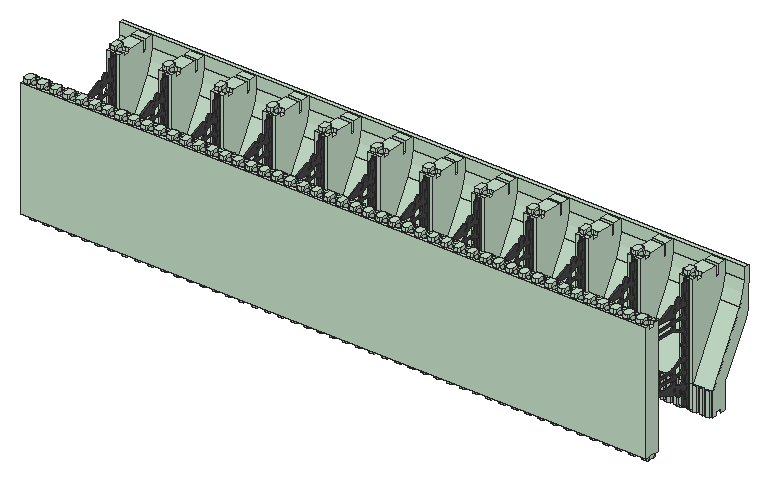
Revit family (continued)
Forms (mm)
  Extrusion 54, void
    sketch origin (1574.8, 0.011, 0) x (-1, 0, 0) y (0, -1, 0)
      loop
        arc (50.8, -101.014) -> (50.362, -98.696) -> (49.108, -96.698) r 6.35
        arc (49.108, -96.698) -> (48.795, -96.199) -> (48.685, -95.62) r 1.588
        line (48.685, -95.62) -> (48.685, -86.829) -> (44.346, -86.829) -> (44.346, -92.457)
        arc (44.346, -92.457) -> (43.786, -93.668) -> (42.5, -94.024) r 1.587
        arc (42.5, -94.024) -> (36.091, -93.737) -> (29.796, -94.972) r 26.988
        arc (29.796, -94.972) -> (26.615, -97.278) -> (25.4, -101.014) r 6.35
        line (25.4, -101.014) -> (25.4, -124.411)
    from 457.2 to 444.5
  Extrusion 55, void
    sketch origin (1371.6, 0.011, 0) x (-1, 0, 0) y (0, -1, 0)
      loop
        arc (25.4, -124.411) -> (26.615, -128.147) -> (29.796, -130.453) r 6.35
        arc (29.796, -130.453) -> (38.1, -131.763) -> (46.404, -130.453) r 26.987
        arc (46.404, -130.453) -> (49.585, -128.147) -> (50.8, -124.411) r 6.35
        line (50.8, -124.411) -> (50.8, -101.014)
        arc (50.8, -101.014) -> (50.362, -98.696) -> (49.108, -96.698) r 6.35
        arc (49.108, -96.698) -> (48.795, -96.199) -> (48.685, -95.62) r 1.588
        line (48.685, -95.62) -> (48.685, -86.829) -> (44.346, -86.829) -> (44.346, -92.457)
        arc (44.346, -92.457) -> (43.786, -93.668) -> (42.5, -94.024) r 1.587
        arc (42.5, -94.024) -> (36.091, -93.737) -> (29.796, -94.972) r 26.988
        arc (29.796, -94.972) -> (26.615, -97.278) -> (25.4, -101.014) r 6.35
        line (25.4, -101.014) -> (25.4, -124.411)
    from 457.2 to 444.5
  Extrusion 56, void
    sketch origin (1168.4, 0.011, 0) x (-1, 0, 0) y (0, -1, 0)
      loop
        arc (25.4, -124.411) -> (26.615, -128.147) -> (29.796, -130.453) r 6.35
        arc (29.796, -130.453) -> (38.1, -131.763) -> (46.404, -130.453) r 26.987
        arc (46.404, -130.453) -> (49.585, -128.147) -> (50.8, -124.411) r 6.35
        line (50.8, -124.411) -> (50.8, -101.014)
        arc (50.8, -101.014) -> (50.362, -98.696) -> (49.108, -96.698) r 6.35
        arc (49.108, -96.698) -> (48.795, -96.199) -> (48.685, -95.62) r 1.588
        line (48.685, -95.62) -> (48.685, -86.829) -> (44.346, -86.829) -> (44.346, -92.457)
        arc (44.346, -92.457) -> (43.786, -93.668) -> (42.5, -94.024) r 1.587
        arc (42.5, -94.024) -> (36.091, -93.737) -> (29.796, -94.972) r 26.988
        arc (29.796, -94.972) -> (26.615, -97.278) -> (25.4, -101.014) r 6.35
        line (25.4, -101.014) -> (25.4, -124.411)
    from 457.2 to 444.5
  Extrusion 57, void
    sketch origin (965.2, 0.011, 0) x (-1, 0, 0) y (0, -1, 0)
      loop
        arc (25.4, -124.411) -> (26.615, -128.147) -> (29.796, -130.453) r 6.35
        arc (29.796, -130.453) -> (38.1, -131.763) -> (46.404, -130.453) r 26.987
        arc (46.404, -130.453) -> (49.585, -128.147) -> (50.8, -124.411) r 6.35
        line (50.8, -124.411) -> (50.8, -101.014)
        arc (50.8, -101.014) -> (50.362, -98.696) -> (49.108, -96.698) r 6.35
        arc (49.108, -96.698) -> (48.795, -96.199) -> (48.685, -95.62) r 1.588
        line (48.685, -95.62) -> (48.685, -86.829) -> (44.346, -86.829) -> (44.346, -92.457)
        arc (44.346, -92.457) -> (43.786, -93.668) -> (42.5, -94.024) r 1.587
        arc (42.5, -94.024) -> (36.091, -93.737) -> (29.796, -94.972) r 26.988
        arc (29.796, -94.972) -> (26.615, -97.278) -> (25.4, -101.014) r 6.35
        line (25.4, -101.014) -> (25.4, -124.411)
    from 457.2 to 444.5
  Extrusion 58, void
    sketch origin (762, 0.011, 0) x (-1, 0, 0) y (0, -1, 0)
      loop
        arc (25.4, -124.411) -> (26.615, -128.147) -> (29.796, -130.453) r 6.35
        arc (29.796, -130.453) -> (38.1, -131.763) -> (46.404, -130.453) r 26.987
        arc (46.404, -130.453) -> (49.585, -128.147) -> (50.8, -124.411) r 6.35
        line (50.8, -124.411) -> (50.8, -101.014)
        arc (50.8, -101.014) -> (50.362, -98.696) -> (49.108, -96.698) r 6.35
        arc (49.108, -96.698) -> (48.795, -96.199) -> (48.685, -95.62) r 1.588
        line (48.685, -95.62) -> (48.685, -86.829) -> (44.346, -86.829) -> (44.346, -92.457)
        arc (44.346, -92.457) -> (43.786, -93.668) -> (42.5, -94.024) r 1.587
        arc (42.5, -94.024) -> (36.091, -93.737) -> (29.796, -94.972) r 26.988
        arc (29.796, -94.972) -> (26.615, -97.278) -> (25.4, -101.014) r 6.35
        line (25.4, -101.014) -> (25.4, -124.411)
    from 457.2 to 444.5
  Extrusion 59, void
    sketch origin (558.8, 0.011, 0) x (-1, 0, 0) y (0, -1, 0)
      loop
        arc (25.4, -124.411) -> (26.615, -128.147) -> (29.796, -130.453) r 6.35
        arc (29.796, -130.453) -> (38.1, -131.763) -> (46.404, -130.453) r 26.987
        arc (46.404, -130.453) -> (49.585, -128.147) -> (50.8, -124.411) r 6.35
        line (50.8, -124.411) -> (50.8, -101.014)
        arc (50.8, -101.014) -> (50.362, -98.696) -> (49.108, -96.698) r 6.35
        arc (49.108, -96.698) -> (48.795, -96.199) -> (48.685, -95.62) r 1.588
        line (48.685, -95.62) -> (48.685, -86.829) -> (44.346, -86.829) -> (44.346, -92.457)
        arc (44.346, -92.457) -> (43.786, -93.668) -> (42.5, -94.024) r 1.587
        arc (42.5, -94.024) -> (36.091, -93.737) -> (29.796, -94.972) r 26.988
        arc (29.796, -94.972) -> (26.615, -97.278) -> (25.4, -101.014) r 6.35
        line (25.4, -101.014) -> (25.4, -124.411)
    from 457.2 to 444.5
  Extrusion 60, void
    sketch origin (355.6, 0.011, 0) x (-1, 0, 0) y (0, -1, 0)
      loop
        arc (25.4, -124.411) -> (26.615, -128.147) -> (29.796, -130.453) r 6.35
        arc (29.796, -130.453) -> (38.1, -131.763) -> (46.404, -130.453) r 26.987
        arc (46.404, -130.453) -> (49.585, -128.147) -> (50.8, -124.411) r 6.35
        line (50.8, -124.411) -> (50.8, -101.014)
        arc (50.8, -101.014) -> (50.362, -98.696) -> (49.108, -96.698) r 6.35
        arc (49.108, -96.698) -> (48.795, -96.199) -> (48.685, -95.62) r 1.588
        line (48.685, -95.62) -> (48.685, -86.829) -> (44.346, -86.829) -> (44.346, -92.457)
        arc (44.346, -92.457) -> (43.786, -93.668) -> (42.5, -94.024) r 1.587
        arc (42.5, -94.024) -> (36.091, -93.737) -> (29.796, -94.972) r 26.988
        arc (29.796, -94.972) -> (26.615, -97.278) -> (25.4, -101.014) r 6.35
        line (25.4, -101.014) -> (25.4, -124.411)
    from 457.2 to 444.5
  Extrusion 61, void
    sketch origin (152.4, 0.011, 0) x (-1, 0, 0) y (0, -1, 0)
      loop
        arc (25.4, -124.411) -> (26.615, -128.147) -> (29.796, -130.453) r 6.35
        arc (29.796, -130.453) -> (38.1, -131.763) -> (46.404, -130.453) r 26.987
        arc (46.404, -130.453) -> (49.585, -128.147) -> (50.8, -124.411) r 6.35
        line (50.8, -124.411) -> (50.8, -101.014)
        arc (50.8, -101.014) -> (50.362, -98.696) -> (49.108, -96.698) r 6.35
        arc (49.108, -96.698) -> (48.795, -96.199) -> (48.685, -95.62) r 1.588
        line (48.685, -95.62) -> (48.685, -86.829) -> (44.346, -86.829) -> (44.346, -92.457)
        arc (44.346, -92.457) -> (43.786, -93.668) -> (42.5, -94.024) r 1.587
        arc (42.5, -94.024) -> (36.091, -93.737) -> (29.796, -94.972) r 26.988
        arc (29.796, -94.972) -> (26.615, -97.278) -> (25.4, -101.014) r 6.35
        line (25.4, -101.014) -> (25.4, -124.411)
    from 457.2 to 444.5
  Extrusion 62, void
    sketch origin (50.8, -101.589, 0) x (-1, 0, 0) y (0, -1, 0)
      loop
        line (25.4, 124.411) -> (25.4, 101.014)
        arc (25.4, 101.014) -> (26.615, 97.278) -> (29.796, 94.972) r 6.35
        arc (29.796, 94.972) -> (36.091, 93.737) -> (42.5, 94.024) r 26.988
        arc (42.5, 94.024) -> (43.786, 93.668) -> (44.346, 92.457) r 1.587
        line (44.346, 92.457) -> (44.346, 86.829) -> (48.685, 86.829) -> (48.685, 95.62)
        arc (48.685, 95.62) -> (48.795, 96.199) -> (49.108, 96.698) r 1.588
        arc (49.108, 96.698) -> (50.362, 98.696) -> (50.8, 101.014) r 6.35
        line (50.8, 101.014) -> (50.8, 124.411)
        arc (50.8, 124.411) -> (49.585, 128.147) -> (46.404, 130.453) r 6.35
        arc (46.404, 130.453) -> (38.1, 131.763) -> (29.796, 130.453) r 26.987
        arc (29.796, 130.453) -> (26.615, 128.147) -> (25.4, 124.411) r 6.35
    from 0 to 12.7
  Extrusion 63, void
    sketch origin (101.6, -101.589, 0) x (-1, 0, 0) y (0, -1, 0)
      loop
        line (25.4, 124.411) -> (25.4, 101.014)
        arc (25.4, 101.014) -> (26.615, 97.278) -> (29.796, 94.972) r 6.35
        arc (29.796, 94.972) -> (36.091, 93.737) -> (42.5, 94.024) r 26.988
        arc (42.5, 94.024) -> (43.786, 93.668) -> (44.346, 92.457) r 1.587
        line (44.346, 92.457) -> (44.346, 86.829) -> (48.685, 86.829) -> (48.685, 95.62)
        arc (48.685, 95.62) -> (48.795, 96.199) -> (49.108, 96.698) r 1.588
        arc (49.108, 96.698) -> (50.362, 98.696) -> (50.8, 101.014) r 6.35
        line (50.8, 101.014) -> (50.8, 124.411)
        arc (50.8, 124.411) -> (49.585, 128.147) -> (46.404, 130.453) r 6.35
        arc (46.404, 130.453) -> (38.1, 131.763) -> (29.796, 130.453) r 26.987
        arc (29.796, 130.453) -> (26.615, 128.147) -> (25.4, 124.411) r 6.35
    from 0 to 12.7
  Extrusion 64, void
    sketch origin (152.4, -101.589, 0) x (-1, 0, 0) y (0, -1, 0)
      loop
        line (25.4, 124.411) -> (25.4, 101.014)
        arc (25.4, 101.014) -> (26.615, 97.278) -> (29.796, 94.972) r 6.35
        arc (29.796, 94.972) -> (36.091, 93.737) -> (42.5, 94.024) r 26.988
        arc (42.5, 94.024) -> (43.786, 93.668) -> (44.346, 92.457) r 1.587
        line (44.346, 92.457) -> (44.346, 86.829) -> (48.685, 86.829) -> (48.685, 95.62)
        arc (48.685, 95.62) -> (48.795, 96.199) -> (49.108, 96.698) r 1.588
        arc (49.108, 96.698) -> (50.362, 98.696) -> (50.8, 101.014) r 6.35
        line (50.8, 101.014) -> (50.8, 124.411)
        arc (50.8, 124.411) -> (49.585, 128.147) -> (46.404, 130.453) r 6.35
        arc (46.404, 130.453) -> (38.1, 131.763) -> (29.796, 130.453) r 26.987
        arc (29.796, 130.453) -> (26.615, 128.147) -> (25.4, 124.411) r 6.35
    from 0 to 12.7
  Extrusion 65, void
    sketch origin (203.2, -101.589, 0) x (-1, 0, 0) y (0, -1, 0)
      loop
        line (25.4, 124.411) -> (25.4, 101.014)
        arc (25.4, 101.014) -> (26.615, 97.278) -> (29.796, 94.972) r 6.35
        arc (29.796, 94.972) -> (36.091, 93.737) -> (42.5, 94.024) r 26.988
        arc (42.5, 94.024) -> (43.786, 93.668) -> (44.346, 92.457) r 1.587
        line (44.346, 92.457) -> (44.346, 86.829) -> (48.685, 86.829) -> (48.685, 95.62)
        arc (48.685, 95.62) -> (48.795, 96.199) -> (49.108, 96.698) r 1.588
        arc (49.108, 96.698) -> (50.362, 98.696) -> (50.8, 101.014) r 6.35
        line (50.8, 101.014) -> (50.8, 124.411)
        arc (50.8, 124.411) -> (49.585, 128.147) -> (46.404, 130.453) r 6.35
        arc (46.404, 130.453) -> (38.1, 131.763) -> (29.796, 130.453) r 26.987
        arc (29.796, 130.453) -> (26.615, 128.147) -> (25.4, 124.411) r 6.35
    from 0 to 12.7
  Extrusion 66, void
    sketch origin (254, -101.589, 0) x (-1, 0, 0) y (0, -1, 0)
      loop
        line (25.4, 124.411) -> (25.4, 101.014)
        arc (25.4, 101.014) -> (26.615, 97.278) -> (29.796, 94.972) r 6.35
        arc (29.796, 94.972) -> (36.091, 93.737) -> (42.5, 94.024) r 26.988
        arc (42.5, 94.024) -> (43.786, 93.668) -> (44.346, 92.457) r 1.587
        line (44.346, 92.457) -> (44.346, 86.829) -> (48.685, 86.829) -> (48.685, 95.62)
        arc (48.685, 95.62) -> (48.795, 96.199) -> (49.108, 96.698) r 1.588
        arc (49.108, 96.698) -> (50.362, 98.696) -> (50.8, 101.014) r 6.35
        line (50.8, 101.014) -> (50.8, 124.411)
        arc (50.8, 124.411) -> (49.585, 128.147) -> (46.404, 130.453) r 6.35
        arc (46.404, 130.453) -> (38.1, 131.763) -> (29.796, 130.453) r 26.987
        arc (29.796, 130.453) -> (26.615, 128.147) -> (25.4, 124.411) r 6.35
    from 0 to 12.7
  Extrusion 67, void
    sketch origin (304.8, -101.589, 0) x (-1, 0, 0) y (0, -1, 0)
      loop
        line (25.4, 124.411) -> (25.4, 101.014)
        arc (25.4, 101.014) -> (26.615, 97.278) -> (29.796, 94.972) r 6.35
        arc (29.796, 94.972) -> (36.091, 93.737) -> (42.5, 94.024) r 26.988
        arc (42.5, 94.024) -> (43.786, 93.668) -> (44.346, 92.457) r 1.587
        line (44.346, 92.457) -> (44.346, 86.829) -> (48.685, 86.829) -> (48.685, 95.62)
        arc (48.685, 95.62) -> (48.795, 96.199) -> (49.108, 96.698) r 1.588
        arc (49.108, 96.698) -> (50.362, 98.696) -> (50.8, 101.014) r 6.35
        line (50.8, 101.014) -> (50.8, 124.411)
        arc (50.8, 124.411) -> (49.585, 128.147) -> (46.404, 130.453) r 6.35
        arc (46.404, 130.453) -> (38.1, 131.763) -> (29.796, 130.453) r 26.987
        arc (29.796, 130.453) -> (26.615, 128.147) -> (25.4, 124.411) r 6.35
    from 0 to 12.7
  Extrusion 68, void
    sketch origin (355.6, -101.589, 0) x (-1, 0, 0) y (0, -1, 0)
      loop
        line (25.4, 124.411) -> (25.4, 101.014)
        arc (25.4, 101.014) -> (26.615, 97.278) -> (29.796, 94.972) r 6.35
        arc (29.796, 94.972) -> (36.091, 93.737) -> (42.5, 94.024) r 26.988
        arc (42.5, 94.024) -> (43.786, 93.668) -> (44.346, 92.457) r 1.587
        line (44.346, 92.457) -> (44.346, 86.829) -> (48.685, 86.829) -> (48.685, 95.62)
        arc (48.685, 95.62) -> (48.795, 96.199) -> (49.108, 96.698) r 1.588
        arc (49.108, 96.698) -> (50.362, 98.696) -> (50.8, 101.014) r 6.35
        line (50.8, 101.014) -> (50.8, 124.411)
        arc (50.8, 124.411) -> (49.585, 128.147) -> (46.404, 130.453) r 6.35
        arc (46.404, 130.453) -> (38.1, 131.763) -> (29.796, 130.453) r 26.987
        arc (29.796, 130.453) -> (26.615, 128.147) -> (25.4, 124.411) r 6.35
    from 0 to 12.7
  Extrusion 69, void
    sketch origin (406.4, -101.589, 0) x (-1, 0, 0) y (0, -1, 0)
      loop
        line (25.4, 124.411) -> (25.4, 101.014)
        arc (25.4, 101.014) -> (26.615, 97.278) -> (29.796, 94.972) r 6.35
        arc (29.796, 94.972) -> (36.091, 93.737) -> (42.5, 94.024) r 26.988
        arc (42.5, 94.024) -> (43.786, 93.668) -> (44.346, 92.457) r 1.587
        line (44.346, 92.457) -> (44.346, 86.829) -> (48.685, 86.829) -> (48.685, 95.62)
        arc (48.685, 95.62) -> (48.795, 96.199) -> (49.108, 96.698) r 1.588
        arc (49.108, 96.698) -> (50.362, 98.696) -> (50.8, 101.014) r 6.35
        line (50.8, 101.014) -> (50.8, 124.411)
        arc (50.8, 124.411) -> (49.585, 128.147) -> (46.404, 130.453) r 6.35
        arc (46.404, 130.453) -> (38.1, 131.763) -> (29.796, 130.453) r 26.987
        arc (29.796, 130.453) -> (26.615, 128.147) -> (25.4, 124.411) r 6.35
    from 0 to 12.7
  Extrusion 70, void
    sketch origin (457.2, -101.589, 0) x (-1, 0, 0) y (0, -1, 0)
      loop
        line (25.4, 124.411) -> (25.4, 101.014)
        arc (25.4, 101.014) -> (26.615, 97.278) -> (29.796, 94.972) r 6.35
        arc (29.796, 94.972) -> (36.091, 93.737) -> (42.5, 94.024) r 26.988
        arc (42.5, 94.024) -> (43.786, 93.668) -> (44.346, 92.457) r 1.587
        line (44.346, 92.457) -> (44.346, 86.829) -> (48.685, 86.829) -> (48.685, 95.62)
        arc (48.685, 95.62) -> (48.795, 96.199) -> (49.108, 96.698) r 1.588
        arc (49.108, 96.698) -> (50.362, 98.696) -> (50.8, 101.014) r 6.35
        line (50.8, 101.014) -> (50.8, 124.411)
        arc (50.8, 124.411) -> (49.585, 128.147) -> (46.404, 130.453) r 6.35
        arc (46.404, 130.453) -> (38.1, 131.763) -> (29.796, 130.453) r 26.987
        arc (29.796, 130.453) -> (26.615, 128.147) -> (25.4, 124.411) r 6.35
    from 0 to 12.7
  Extrusion 71, void
    sketch origin (508, -101.589, 0) x (-1, 0, 0) y (0, -1, 0)
      loop
        line (25.4, 124.411) -> (25.4, 101.014)
        arc (25.4, 101.014) -> (26.615, 97.278) -> (29.796, 94.972) r 6.35
        arc (29.796, 94.972) -> (36.091, 93.737) -> (42.5, 94.024) r 26.988
        arc (42.5, 94.024) -> (43.786, 93.668) -> (44.346, 92.457) r 1.587
        line (44.346, 92.457) -> (44.346, 86.829) -> (48.685, 86.829) -> (48.685, 95.62)
        arc (48.685, 95.62) -> (48.795, 96.199) -> (49.108, 96.698) r 1.588
        arc (49.108, 96.698) -> (50.362, 98.696) -> (50.8, 101.014) r 6.35
        line (50.8, 101.014) -> (50.8, 124.411)
        arc (50.8, 124.411) -> (49.585, 128.147) -> (46.404, 130.453) r 6.35
        arc (46.404, 130.453) -> (38.1, 131.763) -> (29.796, 130.453) r 26.987
        arc (29.796, 130.453) -> (26.615, 128.147) -> (25.4, 124.411) r 6.35
    from 0 to 12.7
  Extrusion 72, void
    sketch origin (558.8, -101.589, 0) x (-1, 0, 0) y (0, -1, 0)
      loop
        line (25.4, 124.411) -> (25.4, 101.014)
        arc (25.4, 101.014) -> (26.615, 97.278) -> (29.796, 94.972) r 6.35
        arc (29.796, 94.972) -> (36.091, 93.737) -> (42.5, 94.024) r 26.988
        arc (42.5, 94.024) -> (43.786, 93.668) -> (44.346, 92.457) r 1.587
        line (44.346, 92.457) -> (44.346, 86.829) -> (48.685, 86.829) -> (48.685, 95.62)
        arc (48.685, 95.62) -> (48.795, 96.199) -> (49.108, 96.698) r 1.588
        arc (49.108, 96.698) -> (50.362, 98.696) -> (50.8, 101.014) r 6.35
        line (50.8, 101.014) -> (50.8, 124.411)
        arc (50.8, 124.411) -> (49.585, 128.147) -> (46.404, 130.453) r 6.35
        arc (46.404, 130.453) -> (38.1, 131.763) -> (29.796, 130.453) r 26.987
        arc (29.796, 130.453) -> (26.615, 128.147) -> (25.4, 124.411) r 6.35
    from 0 to 12.7
  Extrusion 73, void
    sketch origin (609.6, -101.589, 0) x (-1, 0, 0) y (0, -1, 0)
      loop
        line (25.4, 124.411) -> (25.4, 101.014)
        arc (25.4, 101.014) -> (26.615, 97.278) -> (29.796, 94.972) r 6.35
        arc (29.796, 94.972) -> (36.091, 93.737) -> (42.5, 94.024) r 26.988
        arc (42.5, 94.024) -> (43.786, 93.668) -> (44.346, 92.457) r 1.587
        line (44.346, 92.457) -> (44.346, 86.829) -> (48.685, 86.829) -> (48.685, 95.62)
        arc (48.685, 95.62) -> (48.795, 96.199) -> (49.108, 96.698) r 1.588
        arc (49.108, 96.698) -> (50.362, 98.696) -> (50.8, 101.014) r 6.35
        line (50.8, 101.014) -> (50.8, 124.411)
        arc (50.8, 124.411) -> (49.585, 128.147) -> (46.404, 130.453) r 6.35
        arc (46.404, 130.453) -> (38.1, 131.763) -> (29.796, 130.453) r 26.987
        arc (29.796, 130.453) -> (26.615, 128.147) -> (25.4, 124.411) r 6.35
    from 0 to 12.7
  Extrusion 74, void
    sketch origin (660.4, -101.589, 0) x (-1, 0, 0) y (0, -1, 0)
      loop
        line (25.4, 124.411) -> (25.4, 101.014)
        arc (25.4, 101.014) -> (26.615, 97.278) -> (29.796, 94.972) r 6.35
        arc (29.796, 94.972) -> (36.091, 93.737) -> (42.5, 94.024) r 26.988
        arc (42.5, 94.024) -> (43.786, 93.668) -> (44.346, 92.457) r 1.587
        line (44.346, 92.457) -> (44.346, 86.829) -> (48.685, 86.829) -> (48.685, 95.62)
        arc (48.685, 95.62) -> (48.795, 96.199) -> (49.108, 96.698) r 1.588
        arc (49.108, 96.698) -> (50.362, 98.696) -> (50.8, 101.014) r 6.35
        line (50.8, 101.014) -> (50.8, 124.411)
        arc (50.8, 124.411) -> (49.585, 128.147) -> (46.404, 130.453) r 6.35
        arc (46.404, 130.453) -> (38.1, 131.763) -> (29.796, 130.453) r 26.987
        arc (29.796, 130.453) -> (26.615, 128.147) -> (25.4, 124.411) r 6.35
    from 0 to 12.7
  Extrusion 75, void
    sketch origin (711.2, -101.589, 0) x (-1, 0, 0) y (0, -1, 0)
      loop
        line (25.4, 124.411) -> (25.4, 101.014)
        arc (25.4, 101.014) -> (26.615, 97.278) -> (29.796, 94.972) r 6.35
        arc (29.796, 94.972) -> (36.091, 93.737) -> (42.5, 94.024) r 26.988
        arc (42.5, 94.024) -> (43.786, 93.668) -> (44.346, 92.457) r 1.587
        line (44.346, 92.457) -> (44.346, 86.829) -> (48.685, 86.829) -> (48.685, 95.62)
        arc (48.685, 95.62) -> (48.795, 96.199) -> (49.108, 96.698) r 1.588
        arc (49.108, 96.698) -> (50.362, 98.696) -> (50.8, 101.014) r 6.35
        line (50.8, 101.014) -> (50.8, 124.411)
        arc (50.8, 124.411) -> (49.585, 128.147) -> (46.404, 130.453) r 6.35
        arc (46.404, 130.453) -> (38.1, 131.763) -> (29.796, 130.453) r 26.987
        arc (29.796, 130.453) -> (26.615, 128.147) -> (25.4, 124.411) r 6.35
    from 0 to 12.7
  Extrusion 76, void
    sketch origin (762, -101.589, 0) x (-1, 0, 0) y (0, -1, 0)
      loop
        line (25.4, 124.411) -> (25.4, 101.014)
        arc (25.4, 101.014) -> (26.615, 97.278) -> (29.796, 94.972) r 6.35
        arc (29.796, 94.972) -> (36.091, 93.737) -> (42.5, 94.024) r 26.988
        arc (42.5, 94.024) -> (43.786, 93.668) -> (44.346, 92.457) r 1.587
        line (44.346, 92.457) -> (44.346, 86.829) -> (48.685, 86.829) -> (48.685, 95.62)
        arc (48.685, 95.62) -> (48.795, 96.199) -> (49.108, 96.698) r 1.588
        arc (49.108, 96.698) -> (50.362, 98.696) -> (50.8, 101.014) r 6.35
        line (50.8, 101.014) -> (50.8, 124.411)
        arc (50.8, 124.411) -> (49.585, 128.147) -> (46.404, 130.453) r 6.35
        arc (46.404, 130.453) -> (38.1, 131.763) -> (29.796, 130.453) r 26.987
        arc (29.796, 130.453) -> (26.615, 128.147) -> (25.4, 124.411) r 6.35
    from 0 to 12.7
  Extrusion 77, void
    sketch origin (812.8, -101.589, 0) x (-1, 0, 0) y (0, -1, 0)
      loop
        line (25.4, 124.411) -> (25.4, 101.014)
        arc (25.4, 101.014) -> (26.615, 97.278) -> (29.796, 94.972) r 6.35
        arc (29.796, 94.972) -> (36.091, 93.737) -> (42.5, 94.024) r 26.988
        arc (42.5, 94.024) -> (43.786, 93.668) -> (44.346, 92.457) r 1.587
        line (44.346, 92.457) -> (44.346, 86.829) -> (48.685, 86.829) -> (48.685, 95.62)
        arc (48.685, 95.62) -> (48.795, 96.199) -> (49.108, 96.698) r 1.588
        arc (49.108, 96.698) -> (50.362, 98.696) -> (50.8, 101.014) r 6.35
        line (50.8, 101.014) -> (50.8, 124.411)
        arc (50.8, 124.411) -> (49.585, 128.147) -> (46.404, 130.453) r 6.35
        arc (46.404, 130.453) -> (38.1, 131.763) -> (29.796, 130.453) r 26.987
        arc (29.796, 130.453) -> (26.615, 128.147) -> (25.4, 124.411) r 6.35
    from 0 to 12.7
  Extrusion 78, void
    sketch origin (863.6, -101.589, 0) x (-1, 0, 0) y (0, -1, 0)
      loop
        line (25.4, 124.411) -> (25.4, 101.014)
        arc (25.4, 101.014) -> (26.615, 97.278) -> (29.796, 94.972) r 6.35
        arc (29.796, 94.972) -> (36.091, 93.737) -> (42.5, 94.024) r 26.988
        arc (42.5, 94.024) -> (43.786, 93.668) -> (44.346, 92.457) r 1.587
        line (44.346, 92.457) -> (44.346, 86.829) -> (48.685, 86.829) -> (48.685, 95.62)
        arc (48.685, 95.62) -> (48.795, 96.199) -> (49.108, 96.698) r 1.588
        arc (49.108, 96.698) -> (50.362, 98.696) -> (50.8, 101.014) r 6.35
        line (50.8, 101.014) -> (50.8, 124.411)
        arc (50.8, 124.411) -> (49.585, 128.147) -> (46.404, 130.453) r 6.35
        arc (46.404, 130.453) -> (38.1, 131.763) -> (29.796, 130.453) r 26.987
        arc (29.796, 130.453) -> (26.615, 128.147) -> (25.4, 124.411) r 6.35
    from 0 to 12.7
  Extrusion 79, void
    sketch origin (914.4, -101.589, 0) x (-1, 0, 0) y (0, -1, 0)
      loop
        line (25.4, 124.411) -> (25.4, 101.014)
        arc (25.4, 101.014) -> (26.615, 97.278) -> (29.796, 94.972) r 6.35
        arc (29.796, 94.972) -> (36.091, 93.737) -> (42.5, 94.024) r 26.988
        arc (42.5, 94.024) -> (43.786, 93.668) -> (44.346, 92.457) r 1.587
        line (44.346, 92.457) -> (44.346, 86.829) -> (48.685, 86.829) -> (48.685, 95.62)
        arc (48.685, 95.62) -> (48.795, 96.199) -> (49.108, 96.698) r 1.588
        arc (49.108, 96.698) -> (50.362, 98.696) -> (50.8, 101.014) r 6.35
        line (50.8, 101.014) -> (50.8, 124.411)
        arc (50.8, 124.411) -> (49.585, 128.147) -> (46.404, 130.453) r 6.35
        arc (46.404, 130.453) -> (38.1, 131.763) -> (29.796, 130.453) r 26.987
        arc (29.796, 130.453) -> (26.615, 128.147) -> (25.4, 124.411) r 6.35
    from 0 to 12.7
  Extrusion 80, void
    sketch origin (965.2, -101.589, 0) x (-1, 0, 0) y (0, -1, 0)
      loop
        line (25.4, 124.411) -> (25.4, 101.014)
        arc (25.4, 101.014) -> (26.615, 97.278) -> (29.796, 94.972) r 6.35
        arc (29.796, 94.972) -> (36.091, 93.737) -> (42.5, 94.024) r 26.988
        arc (42.5, 94.024) -> (43.786, 93.668) -> (44.346, 92.457) r 1.587
        line (44.346, 92.457) -> (44.346, 86.829) -> (48.685, 86.829) -> (48.685, 95.62)
        arc (48.685, 95.62) -> (48.795, 96.199) -> (49.108, 96.698) r 1.588
        arc (49.108, 96.698) -> (50.362, 98.696) -> (50.8, 101.014) r 6.35
        line (50.8, 101.014) -> (50.8, 124.411)
        arc (50.8, 124.411) -> (49.585, 128.147) -> (46.404, 130.453) r 6.35
        arc (46.404, 130.453) -> (38.1, 131.763) -> (29.796, 130.453) r 26.987
        arc (29.796, 130.453) -> (26.615, 128.147) -> (25.4, 124.411) r 6.35
    from 0 to 12.7
  Extrusion 81, void
    sketch origin (1016, -101.589, 0) x (-1, 0, 0) y (0, -1, 0)
      loop
        line (25.4, 124.411) -> (25.4, 101.014)
        arc (25.4, 101.014) -> (26.615, 97.278) -> (29.796, 94.972) r 6.35
        arc (29.796, 94.972) -> (36.091, 93.737) -> (42.5, 94.024) r 26.988
        arc (42.5, 94.024) -> (43.786, 93.668) -> (44.346, 92.457) r 1.587
        line (44.346, 92.457) -> (44.346, 86.829) -> (48.685, 86.829) -> (48.685, 95.62)
        arc (48.685, 95.62) -> (48.795, 96.199) -> (49.108, 96.698) r 1.588
        arc (49.108, 96.698) -> (50.362, 98.696) -> (50.8, 101.014) r 6.35
        line (50.8, 101.014) -> (50.8, 124.411)
        arc (50.8, 124.411) -> (49.585, 128.147) -> (46.404, 130.453) r 6.35
        arc (46.404, 130.453) -> (38.1, 131.763) -> (29.796, 130.453) r 26.987
        arc (29.796, 130.453) -> (26.615, 128.147) -> (25.4, 124.411) r 6.35
    from 0 to 12.7
  Extrusion 82, void
    sketch origin (1066.8, -101.589, 0) x (-1, 0, 0) y (0, -1, 0)
      loop
        line (25.4, 124.411) -> (25.4, 101.014)
        arc (25.4, 101.014) -> (26.615, 97.278) -> (29.796, 94.972) r 6.35
        arc (29.796, 94.972) -> (36.091, 93.737) -> (42.5, 94.024) r 26.988
        arc (42.5, 94.024) -> (43.786, 93.668) -> (44.346, 92.457) r 1.587
        line (44.346, 92.457) -> (44.346, 86.829) -> (48.685, 86.829) -> (48.685, 95.62)
        arc (48.685, 95.62) -> (48.795, 96.199) -> (49.108, 96.698) r 1.588
        arc (49.108, 96.698) -> (50.362, 98.696) -> (50.8, 101.014) r 6.35
        line (50.8, 101.014) -> (50.8, 124.411)
        arc (50.8, 124.411) -> (49.585, 128.147) -> (46.404, 130.453) r 6.35
        arc (46.404, 130.453) -> (38.1, 131.763) -> (29.796, 130.453) r 26.987
        arc (29.796, 130.453) -> (26.615, 128.147) -> (25.4, 124.411) r 6.35
    from 0 to 12.7
  Extrusion 83, void
    sketch origin (1117.6, -101.589, 0) x (-1, 0, 0) y (0, -1, 0)
      loop
        line (25.4, 124.411) -> (25.4, 101.014)
        arc (25.4, 101.014) -> (26.615, 97.278) -> (29.796, 94.972) r 6.35
        arc (29.796, 94.972) -> (36.091, 93.737) -> (42.5, 94.024) r 26.988
        arc (42.5, 94.024) -> (43.786, 93.668) -> (44.346, 92.457) r 1.587
        line (44.346, 92.457) -> (44.346, 86.829) -> (48.685, 86.829) -> (48.685, 95.62)
        arc (48.685, 95.62) -> (48.795, 96.199) -> (49.108, 96.698) r 1.588
        arc (49.108, 96.698) -> (50.362, 98.696) -> (50.8, 101.014) r 6.35
        line (50.8, 101.014) -> (50.8, 124.411)
        arc (50.8, 124.411) -> (49.585, 128.147) -> (46.404, 130.453) r 6.35
        arc (46.404, 130.453) -> (38.1, 131.763) -> (29.796, 130.453) r 26.987
        arc (29.796, 130.453) -> (26.615, 128.147) -> (25.4, 124.411) r 6.35
    from 0 to 12.7
  Extrusion 84, void
    sketch origin (1168.4, -101.589, 0) x (-1, 0, 0) y (0, -1, 0)
      loop
        line (25.4, 124.411) -> (25.4, 101.014)
        arc (25.4, 101.014) -> (26.615, 97.278) -> (29.796, 94.972) r 6.35
        arc (29.796, 94.972) -> (36.091, 93.737) -> (42.5, 94.024) r 26.988
        arc (42.5, 94.024) -> (43.786, 93.668) -> (44.346, 92.457) r 1.587
        line (44.346, 92.457) -> (44.346, 86.829) -> (48.685, 86.829) -> (48.685, 95.62)
        arc (48.685, 95.62) -> (48.795, 96.199) -> (49.108, 96.698) r 1.588
        arc (49.108, 96.698) -> (50.362, 98.696) -> (50.8, 101.014) r 6.35
        line (50.8, 101.014) -> (50.8, 124.411)
        arc (50.8, 124.411) -> (49.585, 128.147) -> (46.404, 130.453) r 6.35
        arc (46.404, 130.453) -> (38.1, 131.763) -> (29.796, 130.453) r 26.987
        arc (29.796, 130.453) -> (26.615, 128.147) -> (25.4, 124.411) r 6.35
    from 0 to 12.7
  Extrusion 85, void
    sketch origin (1219.2, -101.589, 0) x (-1, 0, 0) y (0, -1, 0)
      loop
        line (25.4, 124.411) -> (25.4, 101.014)
        arc (25.4, 101.014) -> (26.615, 97.278) -> (29.796, 94.972) r 6.35
        arc (29.796, 94.972) -> (36.091, 93.737) -> (42.5, 94.024) r 26.988
        arc (42.5, 94.024) -> (43.786, 93.668) -> (44.346, 92.457) r 1.587
        line (44.346, 92.457) -> (44.346, 86.829) -> (48.685, 86.829) -> (48.685, 95.62)
        arc (48.685, 95.62) -> (48.795, 96.199) -> (49.108, 96.698) r 1.588
        arc (49.108, 96.698) -> (50.362, 98.696) -> (50.8, 101.014) r 6.35
        line (50.8, 101.014) -> (50.8, 124.411)
        arc (50.8, 124.411) -> (49.585, 128.147) -> (46.404, 130.453) r 6.35
        arc (46.404, 130.453) -> (38.1, 131.763) -> (29.796, 130.453) r 26.987
        arc (29.796, 130.453) -> (26.615, 128.147) -> (25.4, 124.411) r 6.35
    from 0 to 12.7
  Extrusion 86, void
    sketch origin (1270, -101.589, 0) x (-1, 0, 0) y (0, -1, 0)
      loop
        line (25.4, 124.411) -> (25.4, 101.014)
        arc (25.4, 101.014) -> (26.615, 97.278) -> (29.796, 94.972) r 6.35
        arc (29.796, 94.972) -> (36.091, 93.737) -> (42.5, 94.024) r 26.988
        arc (42.5, 94.024) -> (43.786, 93.668) -> (44.346, 92.457) r 1.587
        line (44.346, 92.457) -> (44.346, 86.829) -> (48.685, 86.829) -> (48.685, 95.62)
        arc (48.685, 95.62) -> (48.795, 96.199) -> (49.108, 96.698) r 1.588
        arc (49.108, 96.698) -> (50.362, 98.696) -> (50.8, 101.014) r 6.35
        line (50.8, 101.014) -> (50.8, 124.411)
        arc (50.8, 124.411) -> (49.585, 128.147) -> (46.404, 130.453) r 6.35
        arc (46.404, 130.453) -> (38.1, 131.763) -> (29.796, 130.453) r 26.987
        arc (29.796, 130.453) -> (26.615, 128.147) -> (25.4, 124.411) r 6.35
    from 0 to 12.7
  Extrusion 87, void
    sketch origin (1320.8, -101.589, 0) x (-1, 0, 0) y (0, -1, 0)
      loop
        line (25.4, 124.411) -> (25.4, 101.014)
        arc (25.4, 101.014) -> (26.615, 97.278) -> (29.796, 94.972) r 6.35
        arc (29.796, 94.972) -> (36.091, 93.737) -> (42.5, 94.024) r 26.988
        arc (42.5, 94.024) -> (43.786, 93.668) -> (44.346, 92.457) r 1.587
        line (44.346, 92.457) -> (44.346, 86.829) -> (48.685, 86.829) -> (48.685, 95.62)
        arc (48.685, 95.62) -> (48.795, 96.199) -> (49.108, 96.698) r 1.588
        arc (49.108, 96.698) -> (50.362, 98.696) -> (50.8, 101.014) r 6.35
        line (50.8, 101.014) -> (50.8, 124.411)
        arc (50.8, 124.411) -> (49.585, 128.147) -> (46.404, 130.453) r 6.35
        arc (46.404, 130.453) -> (38.1, 131.763) -> (29.796, 130.453) r 26.987
        arc (29.796, 130.453) -> (26.615, 128.147) -> (25.4, 124.411) r 6.35
    from 0 to 12.7
  Extrusion 88, void
    sketch origin (1371.6, -101.589, 0) x (-1, 0, 0) y (0, -1, 0)
      loop
        line (25.4, 124.411) -> (25.4, 101.014)
        arc (25.4, 101.014) -> (26.615, 97.278) -> (29.796, 94.972) r 6.35
        arc (29.796, 94.972) -> (36.091, 93.737) -> (42.5, 94.024) r 26.988
        arc (42.5, 94.024) -> (43.786, 93.668) -> (44.346, 92.457) r 1.587
        line (44.346, 92.457) -> (44.346, 86.829) -> (48.685, 86.829) -> (48.685, 95.62)
        arc (48.685, 95.62) -> (48.795, 96.199) -> (49.108, 96.698) r 1.588
        arc (49.108, 96.698) -> (50.362, 98.696) -> (50.8, 101.014) r 6.35
        line (50.8, 101.014) -> (50.8, 124.411)
        arc (50.8, 124.411) -> (49.585, 128.147) -> (46.404, 130.453) r 6.35
        arc (46.404, 130.453) -> (38.1, 131.763) -> (29.796, 130.453) r 26.987
        arc (29.796, 130.453) -> (26.615, 128.147) -> (25.4, 124.411) r 6.35
    from 0 to 12.7
  Extrusion 89, void
    sketch origin (1422.4, -101.589, 0) x (-1, 0, 0) y (0, -1, 0)
      loop
        line (25.4, 124.411) -> (25.4, 101.014)
        arc (25.4, 101.014) -> (26.615, 97.278) -> (29.796, 94.972) r 6.35
        arc (29.796, 94.972) -> (36.091, 93.737) -> (42.5, 94.024) r 26.988
        arc (42.5, 94.024) -> (43.786, 93.668) -> (44.346, 92.457) r 1.587
        line (44.346, 92.457) -> (44.346, 86.829) -> (48.685, 86.829) -> (48.685, 95.62)
        arc (48.685, 95.62) -> (48.795, 96.199) -> (49.108, 96.698) r 1.588
        arc (49.108, 96.698) -> (50.362, 98.696) -> (50.8, 101.014) r 6.35
        line (50.8, 101.014) -> (50.8, 124.411)
        arc (50.8, 124.411) -> (49.585, 128.147) -> (46.404, 130.453) r 6.35
        arc (46.404, 130.453) -> (38.1, 131.763) -> (29.796, 130.453) r 26.987
        arc (29.796, 130.453) -> (26.615, 128.147) -> (25.4, 124.411) r 6.35
    from 0 to 12.7
  Extrusion 90, void
    sketch origin (1473.2, -101.589, 0) x (-1, 0, 0) y (0, -1, 0)
      loop
        line (25.4, 124.411) -> (25.4, 101.014)
        arc (25.4, 101.014) -> (26.615, 97.278) -> (29.796, 94.972) r 6.35
        arc (29.796, 94.972) -> (36.091, 93.737) -> (42.5, 94.024) r 26.988
        arc (42.5, 94.024) -> (43.786, 93.668) -> (44.346, 92.457) r 1.587
        line (44.346, 92.457) -> (44.346, 86.829) -> (48.685, 86.829) -> (48.685, 95.62)
        arc (48.685, 95.62) -> (48.795, 96.199) -> (49.108, 96.698) r 1.588
        arc (49.108, 96.698) -> (50.362, 98.696) -> (50.8, 101.014) r 6.35
        line (50.8, 101.014) -> (50.8, 124.411)
        arc (50.8, 124.411) -> (49.585, 128.147) -> (46.404, 130.453) r 6.35
        arc (46.404, 130.453) -> (38.1, 131.763) -> (29.796, 130.453) r 26.987
        arc (29.796, 130.453) -> (26.615, 128.147) -> (25.4, 124.411) r 6.35
    from 0 to 12.7
  Extrusion 91, void
    sketch origin (1524, -101.589, 0) x (-1, 0, 0) y (0, -1, 0)
      loop
        line (25.4, 124.411) -> (25.4, 101.014)
        arc (25.4, 101.014) -> (26.615, 97.278) -> (29.796, 94.972) r 6.35
        arc (29.796, 94.972) -> (36.091, 93.737) -> (42.5, 94.024) r 26.988
        arc (42.5, 94.024) -> (43.786, 93.668) -> (44.346, 92.457) r 1.587
        line (44.346, 92.457) -> (44.346, 86.829) -> (48.685, 86.829) -> (48.685, 95.62)
        arc (48.685, 95.62) -> (48.795, 96.199) -> (49.108, 96.698) r 1.588
        arc (49.108, 96.698) -> (50.362, 98.696) -> (50.8, 101.014) r 6.35
        line (50.8, 101.014) -> (50.8, 124.411)
        arc (50.8, 124.411) -> (49.585, 128.147) -> (46.404, 130.453) r 6.35
        arc (46.404, 130.453) -> (38.1, 131.763) -> (29.796, 130.453) r 26.987
        arc (29.796, 130.453) -> (26.615, 128.147) -> (25.4, 124.411) r 6.35
    from 0 to 12.7
  Extrusion 92, void
    sketch origin (1574.8, -101.589, 0) x (-1, 0, 0) y (0, -1, 0)
      loop
        line (25.4, 124.411) -> (25.4, 101.014)
        arc (25.4, 101.014) -> (26.615, 97.278) -> (29.796, 94.972) r 6.35
        arc (29.796, 94.972) -> (36.091, 93.737) -> (42.5, 94.024) r 26.988
        arc (42.5, 94.024) -> (43.786, 93.668) -> (44.346, 92.457) r 1.587
        line (44.346, 92.457) -> (44.346, 86.829) -> (48.685, 86.829) -> (48.685, 95.62)
        arc (48.685, 95.62) -> (48.795, 96.199) -> (49.108, 96.698) r 1.588
        arc (49.108, 96.698) -> (50.362, 98.696) -> (50.8, 101.014) r 6.35
        line (50.8, 101.014) -> (50.8, 124.411)
        arc (50.8, 124.411) -> (49.585, 128.147) -> (46.404, 130.453) r 6.35
        arc (46.404, 130.453) -> (38.1, 131.763) -> (29.796, 130.453) r 26.987
        arc (29.796, 130.453) -> (26.615, 128.147) -> (25.4, 124.411) r 6.35
    from 0 to 12.7
  Extrusion 93, void
    sketch origin (1625.6, -101.589, 0) x (-1, 0, 0) y (0, -1, 0)
      loop
        line (25.4, 124.411) -> (25.4, 101.014)
        arc (25.4, 101.014) -> (26.615, 97.278) -> (29.796, 94.972) r 6.35
        arc (29.796, 94.972) -> (36.091, 93.737) -> (42.5, 94.024) r 26.988
        arc (42.5, 94.024) -> (43.786, 93.668) -> (44.346, 92.457) r 1.587
        line (44.346, 92.457) -> (44.346, 86.829) -> (48.685, 86.829) -> (48.685, 95.62)
        arc (48.685, 95.62) -> (48.795, 96.199) -> (49.108, 96.698) r 1.588
        arc (49.108, 96.698) -> (50.362, 98.696) -> (50.8, 101.014) r 6.35
        line (50.8, 101.014) -> (50.8, 124.411)
        arc (50.8, 124.411) -> (49.585, 128.147) -> (46.404, 130.453) r 6.35
        arc (46.404, 130.453) -> (38.1, 131.763) -> (29.796, 130.453) r 26.987
        arc (29.796, 130.453) -> (26.615, 128.147) -> (25.4, 124.411) r 6.35
    from 0 to 12.7
  Extrusion 94, void
    sketch origin (1676.4, -101.589, 0) x (-1, 0, 0) y (0, -1, 0)
      loop
        line (25.4, 124.411) -> (25.4, 101.014)
        arc (25.4, 101.014) -> (26.615, 97.278) -> (29.796, 94.972) r 6.35
        arc (29.796, 94.972) -> (36.091, 93.737) -> (42.5, 94.024) r 26.988
        arc (42.5, 94.024) -> (43.786, 93.668) -> (44.346, 92.457) r 1.587
        line (44.346, 92.457) -> (44.346, 86.829) -> (48.685, 86.829) -> (48.685, 95.62)
        arc (48.685, 95.62) -> (48.795, 96.199) -> (49.108, 96.698) r 1.588
        arc (49.108, 96.698) -> (50.362, 98.696) -> (50.8, 101.014) r 6.35
        line (50.8, 101.014) -> (50.8, 124.411)
        arc (50.8, 124.411) -> (49.585, 128.147) -> (46.404, 130.453) r 6.35
        arc (46.404, 130.453) -> (38.1, 131.763) -> (29.796, 130.453) r 26.987
        arc (29.796, 130.453) -> (26.615, 128.147) -> (25.4, 124.411) r 6.35
    from 0 to 12.7
  Extrusion 95, void
    sketch origin (1727.2, -101.589, 0) x (-1, 0, 0) y (0, -1, 0)
      loop
        line (25.4, 124.411) -> (25.4, 101.014)
        arc (25.4, 101.014) -> (26.615, 97.278) -> (29.796, 94.972) r 6.35
        arc (29.796, 94.972) -> (36.091, 93.737) -> (42.5, 94.024) r 26.988
        arc (42.5, 94.024) -> (43.786, 93.668) -> (44.346, 92.457) r 1.587
        line (44.346, 92.457) -> (44.346, 86.829) -> (48.685, 86.829) -> (48.685, 95.62)
        arc (48.685, 95.62) -> (48.795, 96.199) -> (49.108, 96.698) r 1.588
        arc (49.108, 96.698) -> (50.362, 98.696) -> (50.8, 101.014) r 6.35
        line (50.8, 101.014) -> (50.8, 124.411)
        arc (50.8, 124.411) -> (49.585, 128.147) -> (46.404, 130.453) r 6.35
        arc (46.404, 130.453) -> (38.1, 131.763) -> (29.796, 130.453) r 26.987
        arc (29.796, 130.453) -> (26.615, 128.147) -> (25.4, 124.411) r 6.35
    from 0 to 12.7
  Extrusion 96, void
    sketch origin (1778, -101.589, 0) x (-1, 0, 0) y (0, -1, 0)
      loop
        line (25.4, 124.411) -> (25.4, 101.014)
        arc (25.4, 101.014) -> (26.615, 97.278) -> (29.796, 94.972) r 6.35
        arc (29.796, 94.972) -> (36.091, 93.737) -> (42.5, 94.024) r 26.988
        arc (42.5, 94.024) -> (43.786, 93.668) -> (44.346, 92.457) r 1.587
        line (44.346, 92.457) -> (44.346, 86.829) -> (48.685, 86.829) -> (48.685, 95.62)
        arc (48.685, 95.62) -> (48.795, 96.199) -> (49.108, 96.698) r 1.588
        arc (49.108, 96.698) -> (50.362, 98.696) -> (50.8, 101.014) r 6.35
        line (50.8, 101.014) -> (50.8, 124.411)
        arc (50.8, 124.411) -> (49.585, 128.147) -> (46.404, 130.453) r 6.35
        arc (46.404, 130.453) -> (38.1, 131.763) -> (29.796, 130.453) r 26.987
        arc (29.796, 130.453) -> (26.615, 128.147) -> (25.4, 124.411) r 6.35
    from 0 to 12.7
  Extrusion 97, void
    sketch origin (1828.8, -101.589, 0) x (-1, 0, 0) y (0, -1, 0)
      loop
        line (25.4, 124.411) -> (25.4, 101.014)
        arc (25.4, 101.014) -> (26.615, 97.278) -> (29.796, 94.972) r 6.35
        arc (29.796, 94.972) -> (36.091, 93.737) -> (42.5, 94.024) r 26.988
        arc (42.5, 94.024) -> (43.786, 93.668) -> (44.346, 92.457) r 1.587
        line (44.346, 92.457) -> (44.346, 86.829) -> (48.685, 86.829) -> (48.685, 95.62)
        arc (48.685, 95.62) -> (48.795, 96.199) -> (49.108, 96.698) r 1.588
        arc (49.108, 96.698) -> (50.362, 98.696) -> (50.8, 101.014) r 6.35
        line (50.8, 101.014) -> (50.8, 124.411)
        arc (50.8, 124.411) -> (49.585, 128.147) -> (46.404, 130.453) r 6.35
        arc (46.404, 130.453) -> (38.1, 131.763) -> (29.796, 130.453) r 26.987
        arc (29.796, 130.453) -> (26.615, 128.147) -> (25.4, 124.411) r 6.35
    from 0 to 12.7
  Extrusion 98, void
    sketch origin (1879.6, -101.589, 0) x (-1, 0, 0) y (0, -1, 0)
      loop
        line (25.4, 124.411) -> (25.4, 101.014)
        arc (25.4, 101.014) -> (26.615, 97.278) -> (29.796, 94.972) r 6.35
        arc (29.796, 94.972) -> (36.091, 93.737) -> (42.5, 94.024) r 26.988
        arc (42.5, 94.024) -> (43.786, 93.668) -> (44.346, 92.457) r 1.587
        line (44.346, 92.457) -> (44.346, 86.829) -> (48.685, 86.829) -> (48.685, 95.62)
        arc (48.685, 95.62) -> (48.795, 96.199) -> (49.108, 96.698) r 1.588
        arc (49.108, 96.698) -> (50.362, 98.696) -> (50.8, 101.014) r 6.35
        line (50.8, 101.014) -> (50.8, 124.411)
        arc (50.8, 124.411) -> (49.585, 128.147) -> (46.404, 130.453) r 6.35
        arc (46.404, 130.453) -> (38.1, 131.763) -> (29.796, 130.453) r 26.987
        arc (29.796, 130.453) -> (26.615, 128.147) -> (25.4, 124.411) r 6.35
    from 0 to 12.7
  Extrusion 99, void
    sketch origin (1930.4, -101.589, 0) x (-1, 0, 0) y (0, -1, 0)
      loop
        line (25.4, 124.411) -> (25.4, 101.014)
        arc (25.4, 101.014) -> (26.615, 97.278) -> (29.796, 94.972) r 6.35
        arc (29.796, 94.972) -> (36.091, 93.737) -> (42.5, 94.024) r 26.988
        arc (42.5, 94.024) -> (43.786, 93.668) -> (44.346, 92.457) r 1.587
        line (44.346, 92.457) -> (44.346, 86.829) -> (48.685, 86.829) -> (48.685, 95.62)
        arc (48.685, 95.62) -> (48.795, 96.199) -> (49.108, 96.698) r 1.588
        arc (49.108, 96.698) -> (50.362, 98.696) -> (50.8, 101.014) r 6.35
        line (50.8, 101.014) -> (50.8, 124.411)
        arc (50.8, 124.411) -> (49.585, 128.147) -> (46.404, 130.453) r 6.35
        arc (46.404, 130.453) -> (38.1, 131.763) -> (29.796, 130.453) r 26.987
        arc (29.796, 130.453) -> (26.615, 128.147) -> (25.4, 124.411) r 6.35
    from 0 to 12.7
  Extrusion 100, void
    sketch origin (1981.2, -101.589, 0) x (-1, 0, 0) y (0, -1, 0)
      loop
        line (25.4, 124.411) -> (25.4, 101.014)
        arc (25.4, 101.014) -> (26.615, 97.278) -> (29.796, 94.972) r 6.35
        arc (29.796, 94.972) -> (36.091, 93.737) -> (42.5, 94.024) r 26.988
        arc (42.5, 94.024) -> (43.786, 93.668) -> (44.346, 92.457) r 1.587
        line (44.346, 92.457) -> (44.346, 86.829) -> (48.685, 86.829) -> (48.685, 95.62)
        arc (48.685, 95.62) -> (48.795, 96.199) -> (49.108, 96.698) r 1.588
        arc (49.108, 96.698) -> (50.362, 98.696) -> (50.8, 101.014) r 6.35
        line (50.8, 101.014) -> (50.8, 124.411)
        arc (50.8, 124.411) -> (49.585, 128.147) -> (46.404, 130.453) r 6.35
        arc (46.404, 130.453) -> (38.1, 131.763) -> (29.796, 130.453) r 26.987
        arc (29.796, 130.453) -> (26.615, 128.147) -> (25.4, 124.411) r 6.35
    from 0 to 12.7
  Extrusion 101, void
    sketch origin (2032, -101.589, 0) x (-1, 0, 0) y (0, -1, 0)
      loop
        line (25.4, 124.411) -> (25.4, 101.014)
        arc (25.4, 101.014) -> (26.615, 97.278) -> (29.796, 94.972) r 6.35
        arc (29.796, 94.972) -> (36.091, 93.737) -> (42.5, 94.024) r 26.988
        arc (42.5, 94.024) -> (43.786, 93.668) -> (44.346, 92.457) r 1.587
        line (44.346, 92.457) -> (44.346, 86.829) -> (48.685, 86.829) -> (48.685, 95.62)
        arc (48.685, 95.62) -> (48.795, 96.199) -> (49.108, 96.698) r 1.588
        arc (49.108, 96.698) -> (50.362, 98.696) -> (50.8, 101.014) r 6.35
        line (50.8, 101.014) -> (50.8, 124.411)
        arc (50.8, 124.411) -> (49.585, 128.147) -> (46.404, 130.453) r 6.35
        arc (46.404, 130.453) -> (38.1, 131.763) -> (29.796, 130.453) r 26.987
        arc (29.796, 130.453) -> (26.615, 128.147) -> (25.4, 124.411) r 6.35
    from 0 to 12.7
  Extrusion 102, void
    sketch origin (2082.8, -101.589, 0) x (-1, 0, 0) y (0, -1, 0)
      loop
        line (25.4, 124.411) -> (25.4, 101.014)
        arc (25.4, 101.014) -> (26.615, 97.278) -> (29.796, 94.972) r 6.35
        arc (29.796, 94.972) -> (36.091, 93.737) -> (42.5, 94.024) r 26.988
        arc (42.5, 94.024) -> (43.786, 93.668) -> (44.346, 92.457) r 1.587
        line (44.346, 92.457) -> (44.346, 86.829) -> (48.685, 86.829) -> (48.685, 95.62)
        arc (48.685, 95.62) -> (48.795, 96.199) -> (49.108, 96.698) r 1.588
        arc (49.108, 96.698) -> (50.362, 98.696) -> (50.8, 101.014) r 6.35
        line (50.8, 101.014) -> (50.8, 124.411)
        arc (50.8, 124.411) -> (49.585, 128.147) -> (46.404, 130.453) r 6.35
        arc (46.404, 130.453) -> (38.1, 131.763) -> (29.796, 130.453) r 26.987
        arc (29.796, 130.453) -> (26.615, 128.147) -> (25.4, 124.411) r 6.35
    from 0 to 12.7
  Extrusion 103, void
    sketch origin (2133.6, -101.589, 0) x (-1, 0, 0) y (0, -1, 0)
      loop
        line (25.4, 124.411) -> (25.4, 101.014)
        arc (25.4, 101.014) -> (26.615, 97.278) -> (29.796, 94.972) r 6.35
        arc (29.796, 94.972) -> (36.091, 93.737) -> (42.5, 94.024) r 26.988
        arc (42.5, 94.024) -> (43.786, 93.668) -> (44.346, 92.457) r 1.587
        line (44.346, 92.457) -> (44.346, 86.829) -> (48.685, 86.829) -> (48.685, 95.62)
        arc (48.685, 95.62) -> (48.795, 96.199) -> (49.108, 96.698) r 1.588
        arc (49.108, 96.698) -> (50.362, 98.696) -> (50.8, 101.014) r 6.35
        line (50.8, 101.014) -> (50.8, 124.411)
        arc (50.8, 124.411) -> (49.585, 128.147) -> (46.404, 130.453) r 6.35
        arc (46.404, 130.453) -> (38.1, 131.763) -> (29.796, 130.453) r 26.987
        arc (29.796, 130.453) -> (26.615, 128.147) -> (25.4, 124.411) r 6.35
    from 0 to 12.7
  Extrusion 104, void
    sketch origin (2184.4, -101.589, 0) x (-1, 0, 0) y (0, -1, 0)
      loop
        line (25.4, 124.411) -> (25.4, 101.014)
        arc (25.4, 101.014) -> (26.615, 97.278) -> (29.796, 94.972) r 6.35
        arc (29.796, 94.972) -> (36.091, 93.737) -> (42.5, 94.024) r 26.988
        arc (42.5, 94.024) -> (43.786, 93.668) -> (44.346, 92.457) r 1.587
        line (44.346, 92.457) -> (44.346, 86.829) -> (48.685, 86.829) -> (48.685, 95.62)
        arc (48.685, 95.62) -> (48.795, 96.199) -> (49.108, 96.698) r 1.588
        arc (49.108, 96.698) -> (50.362, 98.696) -> (50.8, 101.014) r 6.35
        line (50.8, 101.014) -> (50.8, 124.411)
        arc (50.8, 124.411) -> (49.585, 128.147) -> (46.404, 130.453) r 6.35
        arc (46.404, 130.453) -> (38.1, 131.763) -> (29.796, 130.453) r 26.987
        arc (29.796, 130.453) -> (26.615, 128.147) -> (25.4, 124.411) r 6.35
    from 0 to 12.7
  Extrusion 105, void
    sketch origin (2235.2, -101.589, 0) x (-1, 0, 0) y (0, -1, 0)
      loop
        line (25.4, 124.411) -> (25.4, 101.014)
        arc (25.4, 101.014) -> (26.615, 97.278) -> (29.796, 94.972) r 6.35
        arc (29.796, 94.972) -> (36.091, 93.737) -> (42.5, 94.024) r 26.988
        arc (42.5, 94.024) -> (43.786, 93.668) -> (44.346, 92.457) r 1.587
        line (44.346, 92.457) -> (44.346, 86.829) -> (48.685, 86.829) -> (48.685, 95.62)
        arc (48.685, 95.62) -> (48.795, 96.199) -> (49.108, 96.698) r 1.588
        arc (49.108, 96.698) -> (50.362, 98.696) -> (50.8, 101.014) r 6.35
        line (50.8, 101.014) -> (50.8, 124.411)
        arc (50.8, 124.411) -> (49.585, 128.147) -> (46.404, 130.453) r 6.35
        arc (46.404, 130.453) -> (38.1, 131.763) -> (29.796, 130.453) r 26.987
        arc (29.796, 130.453) -> (26.615, 128.147) -> (25.4, 124.411) r 6.35
    from 0 to 12.7
  Extrusion 106, void
    sketch origin (2286, -101.589, 0) x (-1, 0, 0) y (0, -1, 0)
      loop
        line (25.4, 124.411) -> (25.4, 101.014)
        arc (25.4, 101.014) -> (26.615, 97.278) -> (29.796, 94.972) r 6.35
        arc (29.796, 94.972) -> (36.091, 93.737) -> (42.5, 94.024) r 26.988
        arc (42.5, 94.024) -> (43.786, 93.668) -> (44.346, 92.457) r 1.587
        line (44.346, 92.457) -> (44.346, 86.829) -> (48.685, 86.829) -> (48.685, 95.62)
        arc (48.685, 95.62) -> (48.795, 96.199) -> (49.108, 96.698) r 1.588
        arc (49.108, 96.698) -> (50.362, 98.696) -> (50.8, 101.014) r 6.35
        line (50.8, 101.014) -> (50.8, 124.411)
        arc (50.8, 124.411) -> (49.585, 128.147) -> (46.404, 130.453) r 6.35
        arc (46.404, 130.453) -> (38.1, 131.763) -> (29.796, 130.453) r 26.987
        arc (29.796, 130.453) -> (26.615, 128.147) -> (25.4, 124.411) r 6.35
    from 0 to 12.7
  Extrusion 107, void
    sketch origin (2336.8, -101.589, 0) x (-1, 0, 0) y (0, -1, 0)
      loop
        line (25.4, 124.411) -> (25.4, 101.014)
        arc (25.4, 101.014) -> (26.615, 97.278) -> (29.796, 94.972) r 6.35
        arc (29.796, 94.972) -> (36.091, 93.737) -> (42.5, 94.024) r 26.988
        arc (42.5, 94.024) -> (43.786, 93.668) -> (44.346, 92.457) r 1.587
        line (44.346, 92.457) -> (44.346, 86.829) -> (48.685, 86.829) -> (48.685, 95.62)
        arc (48.685, 95.62) -> (48.795, 96.199) -> (49.108, 96.698) r 1.588
        arc (49.108, 96.698) -> (50.362, 98.696) -> (50.8, 101.014) r 6.35
        line (50.8, 101.014) -> (50.8, 124.411)
        arc (50.8, 124.411) -> (49.585, 128.147) -> (46.404, 130.453) r 6.35
        arc (46.404, 130.453) -> (38.1, 131.763) -> (29.796, 130.453) r 26.987
        arc (29.796, 130.453) -> (26.615, 128.147) -> (25.4, 124.411) r 6.35
    from 0 to 12.7
  Extrusion 108, void
    sketch origin (2387.6, -101.589, 0) x (-1, 0, 0) y (0, -1, 0)
      loop
        line (25.4, 124.411) -> (25.4, 101.014)
        arc (25.4, 101.014) -> (26.615, 97.278) -> (29.796, 94.972) r 6.35
        arc (29.796, 94.972) -> (36.091, 93.737) -> (42.5, 94.024) r 26.988
        arc (42.5, 94.024) -> (43.786, 93.668) -> (44.346, 92.457) r 1.587
        line (44.346, 92.457) -> (44.346, 86.829) -> (48.685, 86.829) -> (48.685, 95.62)
        arc (48.685, 95.62) -> (48.795, 96.199) -> (49.108, 96.698) r 1.588
        arc (49.108, 96.698) -> (50.362, 98.696) -> (50.8, 101.014) r 6.35
        line (50.8, 101.014) -> (50.8, 124.411)
        arc (50.8, 124.411) -> (49.585, 128.147) -> (46.404, 130.453) r 6.35
        arc (46.404, 130.453) -> (38.1, 131.763) -> (29.796, 130.453) r 26.987
        arc (29.796, 130.453) -> (26.615, 128.147) -> (25.4, 124.411) r 6.35
    from 0 to 12.7
  Extrusion 109, void
    sketch origin (2438.4, -101.589, 0) x (-1, 0, 0) y (0, -1, 0)
      loop
        line (25.4, 124.411) -> (25.4, 101.014)
        arc (25.4, 101.014) -> (26.615, 97.278) -> (29.796, 94.972) r 6.35
        arc (29.796, 94.972) -> (36.091, 93.737) -> (42.5, 94.024) r 26.988
        arc (42.5, 94.024) -> (43.786, 93.668) -> (44.346, 92.457) r 1.587
        line (44.346, 92.457) -> (44.346, 86.829) -> (48.685, 86.829) -> (48.685, 95.62)
        arc (48.685, 95.62) -> (48.795, 96.199) -> (49.108, 96.698) r 1.588
        arc (49.108, 96.698) -> (50.362, 98.696) -> (50.8, 101.014) r 6.35
        line (50.8, 101.014) -> (50.8, 124.411)
        arc (50.8, 124.411) -> (49.585, 128.147) -> (46.404, 130.453) r 6.35
        arc (46.404, 130.453) -> (38.1, 131.763) -> (29.796, 130.453) r 26.987
        arc (29.796, 130.453) -> (26.615, 128.147) -> (25.4, 124.411) r 6.35
    from 0 to 12.7
  Extrusion 110, void
    sketch origin (2387.6, 0.011, 0) x (1, 0, 0) y (0, 1, 0)
      loop
        line (25.4, 124.411) -> (25.4, 101.014)
        arc (25.4, 101.014) -> (26.615, 97.278) -> (29.796, 94.972) r 6.35
        arc (29.796, 94.972) -> (36.091, 93.737) -> (42.5, 94.024) r 26.988
        arc (42.5, 94.024) -> (43.786, 93.668) -> (44.346, 92.457) r 1.587
        line (44.346, 92.457) -> (44.346, 86.829) -> (48.685, 86.829) -> (48.685, 95.62)
        arc (48.685, 95.62) -> (48.795, 96.199) -> (49.108, 96.698) r 1.588
        arc (49.108, 96.698) -> (50.362, 98.696) -> (50.8, 101.014) r 6.35
        line (50.8, 101.014) -> (50.8, 124.411)
        arc (50.8, 124.411) -> (49.585, 128.147) -> (46.404, 130.453) r 6.35
        arc (46.404, 130.453) -> (38.1, 131.763) -> (29.796, 130.453) r 26.987
        arc (29.796, 130.453) -> (26.615, 128.147) -> (25.4, 124.411) r 6.35
    from 0 to 12.7
  Extrusion 111, void
    sketch origin (2336.8, 0.011, 0) x (1, 0, 0) y (0, 1, 0)
      loop
        line (25.4, 124.411) -> (25.4, 101.014)
        arc (25.4, 101.014) -> (26.615, 97.278) -> (29.796, 94.972) r 6.35
        arc (29.796, 94.972) -> (36.091, 93.737) -> (42.5, 94.024) r 26.988
        arc (42.5, 94.024) -> (43.786, 93.668) -> (44.346, 92.457) r 1.587
        line (44.346, 92.457) -> (44.346, 86.829) -> (48.685, 86.829) -> (48.685, 95.62)
        arc (48.685, 95.62) -> (48.795, 96.199) -> (49.108, 96.698) r 1.588
        arc (49.108, 96.698) -> (50.362, 98.696) -> (50.8, 101.014) r 6.35
        line (50.8, 101.014) -> (50.8, 124.411)
        arc (50.8, 124.411) -> (49.585, 128.147) -> (46.404, 130.453) r 6.35
        arc (46.404, 130.453) -> (38.1, 131.763) -> (29.796, 130.453) r 26.987
        arc (29.796, 130.453) -> (26.615, 128.147) -> (25.4, 124.411) r 6.35
    from 0 to 12.7
  Extrusion 112, void
    sketch origin (2286, 0.011, 0) x (1, 0, 0) y (0, 1, 0)
      loop
        line (25.4, 124.411) -> (25.4, 101.014)
        arc (25.4, 101.014) -> (26.615, 97.278) -> (29.796, 94.972) r 6.35
        arc (29.796, 94.972) -> (36.091, 93.737) -> (42.5, 94.024) r 26.988
        arc (42.5, 94.024) -> (43.786, 93.668) -> (44.346, 92.457) r 1.587
        line (44.346, 92.457) -> (44.346, 86.829) -> (48.685, 86.829) -> (48.685, 95.62)
        arc (48.685, 95.62) -> (48.795, 96.199) -> (49.108, 96.698) r 1.588
        arc (49.108, 96.698) -> (50.362, 98.696) -> (50.8, 101.014) r 6.35
        line (50.8, 101.014) -> (50.8, 124.411)
        arc (50.8, 124.411) -> (49.585, 128.147) -> (46.404, 130.453) r 6.35
        arc (46.404, 130.453) -> (38.1, 131.763) -> (29.796, 130.453) r 26.987
        arc (29.796, 130.453) -> (26.615, 128.147) -> (25.4, 124.411) r 6.35
    from 0 to 12.7
  Extrusion 113, void
    sketch origin (2235.2, 0.011, 0) x (1, 0, 0) y (0, 1, 0)
      loop
        line (25.4, 124.411) -> (25.4, 101.014)
        arc (25.4, 101.014) -> (26.615, 97.278) -> (29.796, 94.972) r 6.35
        arc (29.796, 94.972) -> (36.091, 93.737) -> (42.5, 94.024) r 26.988
        arc (42.5, 94.024) -> (43.786, 93.668) -> (44.346, 92.457) r 1.587
        line (44.346, 92.457) -> (44.346, 86.829) -> (48.685, 86.829) -> (48.685, 95.62)
        arc (48.685, 95.62) -> (48.795, 96.199) -> (49.108, 96.698) r 1.588
        arc (49.108, 96.698) -> (50.362, 98.696) -> (50.8, 101.014) r 6.35
        line (50.8, 101.014) -> (50.8, 124.411)
        arc (50.8, 124.411) -> (49.585, 128.147) -> (46.404, 130.453) r 6.35
        arc (46.404, 130.453) -> (38.1, 131.763) -> (29.796, 130.453) r 26.987
        arc (29.796, 130.453) -> (26.615, 128.147) -> (25.4, 124.411) r 6.35
    from 0 to 12.7
  Extrusion 114, void
    sketch origin (2184.4, 0.011, 0) x (1, 0, 0) y (0, 1, 0)
      loop
        line (25.4, 124.411) -> (25.4, 101.014)
